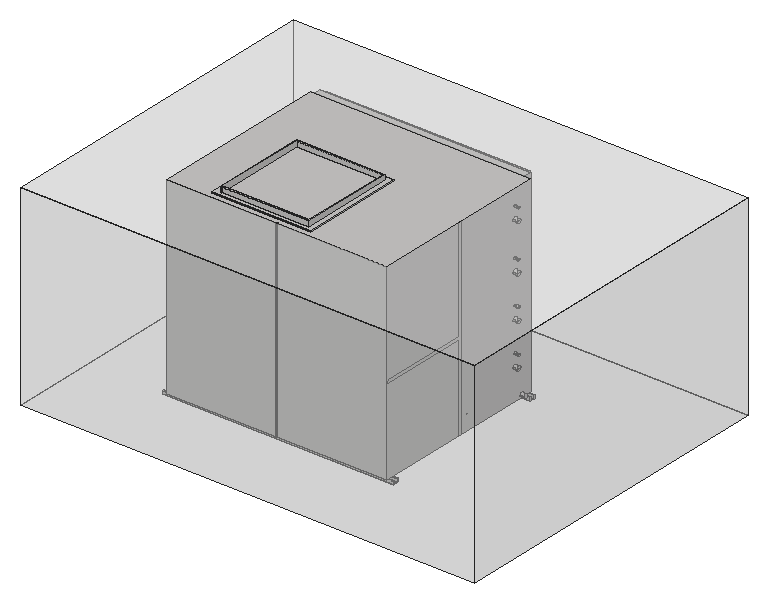
Revit family "outputfile", category 機械設備, Revit 2024
Family settings
  丸型コネクタ寸法 = 半径を使用
  パーツ タイプ = 標準
  OmniClass 番号 = 23.75.10.24.21.27.27
  OmniClass タイトル = Split System Air Conditioning Units
  作業面ベース = いいえ
  常に垂直 = はい
  ロード時にボイドで切り取り = いいえ
  注釈の向きを維持 = いいえ
  共有 = いいえ
  部屋計算ポイント = はい
Parameters (values of type "FBVN600H4BY1X")
  Description = ""
  書き出し IFC クラス(タイプ) = "IfcUnitaryEquipmentType"
  定義済み IFC タイプ(タイプ) = "AIRCONDITIONINGUNIT"
  Cost = 0
  Type Comments = ""
  Keynote = ""
  Type Image = (empty or 0)
  Assembly Code = ""
  switch_frequency = yes
  lw_power = 1050 mm  # constant formula
  lw_box_front = lw_box - 2 mm  # 93 mm
  lw_box = 95 mm
  lw_SA = 887.5 mm
  lw_RA = 1057 mm
  lh_liquidpipe_4 = 470.5 mm
  lh_liquidpipe_3 = 890.5 mm
  lh_liquidpipe_2 = 1310.5 mm
  lh_height_SA = 939 mm
  lh_ld_mountinghole_height = 35 mm
  lh_height_RA = 1758 mm
  lh_hangerfixture = 35 mm
  lh_gaspipe_4 = 350.5 mm
  lh_gaspipe_3 = 770.5 mm
  lh_gaspipe_2 = 1190.5 mm
  lh_frontpanel_bottom = 35 mm
  lh_frontpanel = 1883 mm
  lh_circlevoid = 185 mm
  lh_box_top = 540 mm
  lh_box = 350 mm
  lh_SA = 1978 mm
  lh_RA = 1004 mm
  ld_void = 658 mm
  ld_frontpanel = 0 mm
  ld_depth_SA = 569.5 mm
  ld_depth_RA = 130 mm
  ld_circlevoid = 90 mm
  ld_box_left = 940 mm
  ld_box = 490 mm
  connector_voltage = 0 V
  connector_powerinput = [Power Input (Cooling)]  # 61.620 kW
  connector_phase = 1
  製造元 = "Daikin"
  モデル = "FBVN600H4BY1X"
  w_pipe = 33 mm
  r_Liquid Pipe Size = Liquid Pipe Size / 2  # 7.95 mm
  r_Gas Pipe Size = Gas Pipe Size / 2  # 17.45 mm
  r_Drain Pipe Size = Drain Pipe Size / 2  # 17.0 mm
  lw_powersupply = lw_power  # 1050 mm
  lw_width_RA = 2004 mm
  lw_width_SA = 873 mm
  lh_suctionflange [instance] = 100 mm
  ld_suctionflange [instance] = 190 mm
  ld_powersupply = 200 mm
  angle_vertical_RA [instance] = 90.00°
  angle horizontal_RA [instance] = 180.00°
  Voltage_comment_50Hz = "380 - 415"
  Voltage_50Hz = 400 V
  URL = ""
  Sound Power Level_H speed (dB) = 0
  Phase_50Hz = 3
  Minimum External Static Pressure = 0.00 Pa
  Minimum Circuit Amps_50Hz = 0.0 A
  Maximum Fuse Amps_50Hz = 0.0 A
  Maximum External Static Pressure = 300.00 Pa
  Material_Casing = DAIKIN_GalvanizedSteel_Casing_indoorunit
  lw_liquidpipe = 1137 mm
  lw_gaspipe = 1137 mm
  lw_mountinghole_pitch = 2234 mm
  lw_mountinghole = 2274 mm
  lw_drainpipe = 1137 mm
  lh_powersupply = 1028 mm
  lh_liquidpipe = 1772.5 mm
  lh_gaspipe = 1652.5 mm
  lh_mountinghole = 2.3 mm
  lh_drainpipe = 69.6 mm
  lh_antena = Height - lh_mountinghole + 1 mm  # 1916.7 mm
  ld_liquidpipe = 675.5 mm
  ld_gaspipe = 675.5 mm
  ld_mountinghole_pitch = 1680 mm
  ld_drainpipe = 758.5 mm
  ld_controlbox = 626 mm
  h*** = 0 mm  # constant formula
  d_dischargeflange = 60 mm
  Width = 2174 mm
  Version = "ver.1.0"
  Unit Type = "Duct"
  Unit Mass Weight = 899.00 kg
  Unit Designation [instance] = ""
  Uniclass2015Version = "Products v1.30"
  Uniclass2015Title = "Split coil room air conditioning units"
  Uniclass2015Code = "Pr_70_65_03_86"
  Total Cooling Capacity [instance] = 0.000 kW
  Sound Pressure Level_M speed (dBA) = 0
  Sound Pressure Level_L speed (dBA) = 0
  Sound Pressure Level_H speed (dBA) = 70
  Series = "Package Aircon_Fan Coil Unit"
  Sensible Cooling Capacity [instance] = 0.000 kW
  SA Duct Size Width = 873 mm
  SA Duct Size Height = 939 mm
  Refrigerant Type = "R410A"
  RA Duct Size Width = 2004 mm
  RA Duct Size Height = 1758 mm
  Power Input (Cooling) = 61.620 kW
  Option Accessory 3 [instance] = ""
  Option Accessory 2 [instance] = ""
  Option Accessory 1 [instance] = ""
  Nominal Cooling Capacity = 175.850 kW
  Minimum Airflow = 0.00 m³/h
  Median Airflow = 0.00 m³/h
  Maximum Airflow = 30582.00 m³/h
  Load Classification = HVAC
  Liquid Pipe Size = 15.9 mm
  Link_Nested Family [instance] = ""
  IfcVersion = ""
  IfcExportType = "AIRCONDITIONINGUNIT"
  IfcExportAs = "IfcUnitaryEquipmentType"
  Height = 1918 mm
  Heat Exchanger Type = "Cross Fin Coil"
  Gas Pipe Size = 34.9 mm
  Frequency_50Hz = 50 Hz
  Fan Type = "Sirocco Fan"
  Fan Drive = "-"
  FCU Tag No. [instance] = ""
  Drain Pipe Size = 34.0 mm
  Design Supply Airflow [instance] = 0.00 m³/h
  Design Return Airflow [instance] = 0.00 m³/h
  Design External Static Pressure [instance] = 0.00 Pa
  Depth = 1775 mm
  既定の高さ = 0 mm
  Cooling Entering Wet Bulb Temperature [instance] = 0.00 °C
  Cooling Entering Dry Bulb Temperature [instance] = 0.00 °C
  Cooling Ambient Wet Bulb Temperature [instance] = 0.00 °C
  Cooling Ambient Dry Bulb Temperature [instance] = 0.00 °C
  Clearance visibility [instance] = yes
  Clearance Top = 0 mm
  Clearance Right = 1500 mm
  Clearance Rear = 800 mm
  Clearance Left = 800 mm
  Clearance Front = 800 mm
  Clearance Bottom = 0 mm
Reference planes
  plane 1 "Center (Front/Back)": y = 0
  plane 2: z = 0
  plane 3 "Center (Left/Right)": x = 0
  plane 4 "Back": y = 887.5
  plane 5 "Front": y = -887.5
  plane 6 "Left": x = -1087
  plane 7 "Right": x = 1087
  plane 8 "Top": z = 0
  plane 9 "Bottom": z = -1918
  plane 10: z = -145.5
  plane 11: z = -265.5
  plane 12: x = -1117
  plane 13: x = 1117
  plane 14: x = 1137
  plane 15: x = 1137
  plane 16: z = -1915.7
  plane 17 "Clearance Left": x = -1887
  plane 18 "Clearance Right": x = 2587
  plane 19 "Clearance Rear": y = 1687.5
  plane 20 "Clearance Front": y = -1687.5
  plane 21 "Clearance Bottom": z = -1918
  plane 22: z = -1848.4
  plane 23 "ld_gas": y = 675.5
  plane 24: y = 675.5
  plane 25: y = -30
  plane 26: y = 758.5
  plane 27: y = 697.5
  plane 28: x = 1137
  plane 29: y = 840
  plane 30: y = -840
  plane 31: y = -318
  plane 32: y = 1017.5
  plane 33 "Clearance Top": z = 0
  plane 34: z = -890
  plane 35: y = 200
  plane 36 "hangerfixture": z = -1883
  plane 37 "lh_SA": z = 60
  plane 38 "lh_RA": z = -914
  plane 39 "RA_center": x = -30
  plane 40 "box_bottom": z = -890
  plane 41 "box_top": z = -540
  plane 42: x = -8
  plane 43: x = 2
  plane 44: y = -887.5
  plane 45: y = -877.5
  plane 46 "lw_power": x = 1050
  plane 47: z = -607.5
  plane 48: z = -727.5
  plane 49: z = -1027.5
  plane 50: z = -1147.5
  plane 51: z = -1883
  plane 52: z = 0
  plane 53: x = -199.5
  plane 54: z = -1447.5
  plane 55: z = -1567.5
Forms (mm)
  Extrusion 1, solid, material "DAIKIN_GalvanizedSteel_Casing_indoorunit" <- "Material_Casing"
    sketch origin (0, -0.8, 0) x (1, 0, 0) y (0, 1, 0)
      loop
        line (-1087, -886.7) -> (1087, -886.7) -> (1087, 888.3) -> (-1087, 888.3) -> (-1087, -886.7)
    from -1883 to 0
  Revolve 2, solid, material "DAIKIN_GalvanizedSteel_Casing_indoorunit" <- "Material_Casing"
    sketch origin (0, 0, -265.5) x (0, -1, 0) y (1, 0, 0)
      loop
        line (-658.05, 1087) -> (-658.05, 1137) -> (-675.5, 1137) -> (-675.5, 1087) -> (-658.05, 1087)
      axis (-675.5, 1087) -> (-675.5, 1137)
    angle from 0 to 360
  Revolve 3, solid, material "DAIKIN_GalvanizedSteel_Casing_indoorunit" <- "Material_Casing"
    sketch origin (0, 0, -145.5) x (0, -1, 0) y (1, 0, 0)
      loop
        line (-675.5, 1087) -> (-675.5, 1137) -> (-683.45, 1137) -> (-683.45, 1087) -> (-675.5, 1087)
      axis (-675.5, 1137) -> (-675.5, 1087)
    angle from 0 to 360
  Extrusion 4, solid, material "DAIKIN_GalvanizedSteel_Casing_indoorunit" <- "Material_Casing"
    sketch origin (0, 0, 0) x (0, 1, 0) y (0, 0, 1)
      loop
        circle (758.5, -1848.4) r 17
    from 1137 to 1087
  Extrusion 5, solid, material "DAIKIN_GalvanizedSteel_Casing_indoorunit" <- "Material_Casing"
    sketch origin (0, 0, -1918) x (-1, 0, 0) y (0, -1, 0)
      loop
        line (8, 877.5) -> (8, 887.5) -> (-2, 887.5) -> (-2, 877.5) -> (8, 877.5)
    from 35 to 1918
  Revolve 6, solid, material "DAIKIN_GalvanizedSteel_Casing_indoorunit" <- "Material_Casing"
    sketch origin (0, 0, -727.5) x (0, -1, 0) y (1, 0, 0)
      loop
        line (-658.05, 1087) -> (-658.05, 1137) -> (-675.5, 1137) -> (-675.5, 1087) -> (-658.05, 1087)
      axis (-675.5, 1087) -> (-675.5, 1137)
    angle from 0 to 360
  Revolve 7, solid, material "DAIKIN_GalvanizedSteel_Casing_indoorunit" <- "Material_Casing"
    sketch origin (0, 0, -607.5) x (0, -1, 0) y (1, 0, 0)
      loop
        line (-675.5, 1087) -> (-675.5, 1137) -> (-683.45, 1137) -> (-683.45, 1087) -> (-675.5, 1087)
      axis (-675.5, 1137) -> (-675.5, 1087)
    angle from 0 to 360
  Extrusion 8, void
    sketch origin (1087, 0, 0) x (0, 1, 0) y (0, 0, 1)
      loop
        circle (90, -1733) r 12.5
    from -1 to 0
  Revolve 9, solid, material "DAIKIN_GalvanizedSteel_Casing_indoorunit" <- "Material_Casing"
    sketch origin (0, 0, -1147.5) x (0, -1, 0) y (1, 0, 0)
      loop
        line (-658.05, 1087) -> (-658.05, 1137) -> (-675.5, 1137) -> (-675.5, 1087) -> (-658.05, 1087)
      axis (-675.5, 1087) -> (-675.5, 1137)
    angle from 0 to 360
  Revolve 10, solid, material "DAIKIN_GalvanizedSteel_Casing_indoorunit" <- "Material_Casing"
    sketch origin (0, 0, -1027.5) x (0, -1, 0) y (1, 0, 0)
      loop
        line (-675.5, 1087) -> (-675.5, 1137) -> (-683.45, 1137) -> (-683.45, 1087) -> (-675.5, 1087)
      axis (-675.5, 1137) -> (-675.5, 1087)
    angle from 0 to 360
  Revolve 11, solid, material "DAIKIN_GalvanizedSteel_Casing_indoorunit" <- "Material_Casing"
    sketch origin (0, 0, -1567.5) x (0, -1, 0) y (1, 0, 0)
      loop
        line (-658.05, 1087) -> (-658.05, 1137) -> (-675.5, 1137) -> (-675.5, 1087) -> (-658.05, 1087)
      axis (-675.5, 1087) -> (-675.5, 1137)
    angle from 0 to 360
  Revolve 12, solid, material "DAIKIN_GalvanizedSteel_Casing_indoorunit" <- "Material_Casing"
    sketch origin (0, 0, -1447.5) x (0, -1, 0) y (1, 0, 0)
      loop
        line (-675.5, 1087) -> (-667.55, 1087) -> (-667.55, 1137) -> (-675.5, 1137) -> (-675.5, 1087)
      axis (-675.5, 1137) -> (-675.5, 1087)
    angle from 0 to 360
  Extrusion 13, solid, material "DAIKIN_GalvanizedSteel_Casing_indoorunit" <- "Material_Casing"
    sketch origin (1087, 0, 0) x (0, 1, 0) y (0, 0, 1)
      loop
        line (18, 0) -> (-2, 0) -> (-2, -1009.7) -> (-887.5, -1009.7) -> (-887.5, -1032) -> (-2, -1032) -> (-2, -1883) -> (18, -1883) -> (18, 0)
    from 0 to -1
Cuts and joins
  Extrusion 8 cuts Extrusion 1
Dimensions and locks
  equal spacing: plane 12, plane 3 "Center (Left/Right)", plane 13
  "lw_mountinghole_pitch": plane 12 to plane 13
  "lh_liquidpipe": plane 10 to plane 9 "Bottom"
  "lh_gaspipe": plane 11 to plane 9 "Bottom"
  equal spacing: plane 6 "Left", plane 3 "Center (Left/Right)", plane 7 "Right"
  "Width": plane 6 "Left" to plane 7 "Right"
  "Clearance Right": plane 7 "Right" to plane 18 "Clearance Right"
  "Clearance Left": plane 17 "Clearance Left" to plane 6 "Left"
  "Clearance Rear": plane 19 "Clearance Rear" to plane 4 "Back"
  "Clearance Front": plane 5 "Front" to plane 20 "Clearance Front"
  "Depth": plane 4 "Back" to plane 5 "Front"
  equal spacing: plane 4 "Back", plane 1 "Center (Front/Back)", plane 5 "Front"
  "ld_suctionflange": plane 4 "Back" to plane 27
  "r_Liquid Pipe Size": nested 5 to Revolve 3 sketch curve
  equal spacing: plane 29, plane 1 "Center (Front/Back)", plane 30
  "ld_mountinghole_pitch": plane 29 to plane 30
  "lw_liquidpipe": plane 3 "Center (Left/Right)" to plane 14
  "lw_gaspipe": plane 3 "Center (Left/Right)" to plane 15
  "lw_drainpipe": plane 3 "Center (Left/Right)" to plane 28
  "lh_drainpipe": plane 22 to plane 9 "Bottom"
  "Clearance Top": plane 33 "Clearance Top" to plane 8 "Top"
  "Clearance Bottom": plane 9 "Bottom" to plane 21 "Clearance Bottom"
  "lh_powersupply": plane 34 to plane 9 "Bottom"
  plane 8 "Top" to level = 0 mm
  "lh_hangerfixture": plane 36 "hangerfixture" to plane 9 "Bottom"
  "lh_SA": plane 37 "lh_SA" to plane 9 "Bottom"
  "ld_depth_RA": plane 32 to plane 4 "Back"
  "lh_RA": plane 38 "lh_RA" to plane 9 "Bottom"
  "lw_RA": plane 6 "Left" to plane 39 "RA_center"
  "lh_box_top": plane 8 "Top" to plane 41 "box_top"
  "lh_box": plane 41 "box_top" to plane 40 "box_bottom"
  plane 42 to plane 3 "Center (Left/Right)" to plane 43 = 8 mm, 2 mm
  "lw_power": plane 3 "Center (Left/Right)" to plane 46 "lw_power"
  "lh_gaspipe_2": plane 48 to plane 9 "Bottom"
  "lh_liquidpipe_2": plane 47 to plane 9 "Bottom"
  "ld_powersupply": plane 1 "Center (Front/Back)" to plane 35
  "ld_drainpipe": plane 26 to plane 1 "Center (Front/Back)"
  "ld_gaspipe": plane 23 "ld_gas" to plane 1 "Center (Front/Back)"
  "r_Gas Pipe Size": plane 23 "ld_gas" to Revolve 6 sketch curve
  "r_Gas Pipe Size": plane 23 "ld_gas" to Revolve 2 sketch curve
  "r_Liquid Pipe Size": Revolve 7 sketch curve to plane 24
  "ld_liquidpipe": plane 24 to plane 1 "Center (Front/Back)"
  "ld_depth_SA": plane 31 to plane 5 "Front"
  "lh_circlevoid": Extrusion 8 sketch curve to plane 9 "Bottom"
  "Height": plane 8 "Top" to plane 9 "Bottom"
  "lh_mountinghole": plane 16 to plane 9 "Bottom"
  "lh_gaspipe_3": plane 50 to plane 9 "Bottom"
  "lh_liquidpipe_3": plane 49 to plane 9 "Bottom"
  "lh_frontpanel_bottom": plane 51 to plane 9 "Bottom"
  "lh_frontpanel": plane 52 to plane 51
  "r_Gas Pipe Size": plane 24 to Revolve 9 sketch curve
  "r_Liquid Pipe Size": Revolve 10 sketch curve to plane 24
  locked: plane 45 to plane 5 "Front" at 10
  "ld_frontpanel": plane 5 "Front" to plane 44
  "lw_SA": plane 6 "Left" to plane 53
  "lh_liquidpipe_4": plane 54 to plane 9 "Bottom"
  "lh_gaspipe_4": plane 55 to plane 9 "Bottom"
  "r_Gas Pipe Size": plane 24 to Revolve 11 sketch curve
  "r_Liquid Pipe Size": plane 24 to Revolve 12 sketch curve
  "ld_circlevoid": Extrusion 8 sketch curve to plane 1 "Center (Front/Back)"
  locked: plane 8 "Top" to Extrusion 13 sketch curve at 1009.7
  locked: Extrusion 13 sketch curve to Extrusion 13 sketch curve at 22.3
  locked: Extrusion 13 sketch curve to plane 5 "Front" at 905.5
  locked: Extrusion 13 sketch curve to Extrusion 13 sketch curve at 20
  "r_Drain Pipe Size": radius of Extrusion 4 sketch curve
  diameter of Extrusion 8 sketch curve = 25 mm
  aligned and locked: level to plane 2
  aligned and locked: plane 8 "Top" to Extrusion 1
  aligned and locked: Revolve 2 sketch curve to Revolve 2 sketch curve
  aligned and locked: plane 14 to nested 5
  aligned and locked: nested 5 to plane 10
  aligned and locked: nested 2 to plane 13
  aligned and locked: nested 3 to plane 12
  aligned and locked: plane 12 to nested 4
  aligned and locked: nested 6 to plane 11
  aligned and locked: plane 23 "ld_gas" to nested 6
  aligned and locked: plane 24 to nested 5
  aligned and locked: Extrusion 4 sketch curve to plane 26
  aligned and locked: nested 10 to plane 19 "Clearance Rear"
  aligned and locked: nested 10 to plane 18 "Clearance Right"
  aligned and locked: nested 10 to plane 17 "Clearance Left"
  aligned and locked: nested 10 to plane 20 "Clearance Front"
  aligned and locked: plane 28 to Extrusion 4
  aligned and locked: plane 15 to nested 6
  aligned and locked: plane 13 to nested 1
  aligned and locked: plane 26 to nested 7
  aligned and locked: nested 7 to plane 22
  aligned and locked: nested 7 to plane 28
  aligned and locked: plane 29 to nested 1
  aligned and locked: plane 30 to nested 2
  aligned and locked: nested 4 to plane 29
  aligned and locked: nested 3 to plane 30
  aligned and locked: nested 9 to plane 4 "Back"
  aligned and locked: plane 32 to nested 13
  aligned and locked: nested 10 to plane 33 "Clearance Top"
  aligned and locked: nested 10 to plane 21 "Clearance Bottom"
  aligned and locked: nested 11 to plane 9 "Bottom"
  aligned and locked: plane 36 "hangerfixture" to Extrusion 1
  aligned and locked: Extrusion 1 to plane 5 "Front"
  aligned and locked: Extrusion 1 to plane 4 "Back"
  aligned and locked: plane 38 "lh_RA" to nested 9
  aligned and locked: nested 13 to plane 38 "lh_RA"
  aligned and locked: plane 39 "RA_center" to nested 9
  aligned and locked: nested 13 to plane 39 "RA_center"
  aligned and locked: Extrusion 5 sketch curve to plane 45
  aligned and locked: Extrusion 5 sketch curve to plane 42
  aligned and locked: plane 44 to Extrusion 5 sketch curve
  aligned and locked: plane 43 to Extrusion 5 sketch curve
  aligned and locked: Revolve 6 sketch curve to Revolve 6 sketch curve
  aligned and locked: nested 15 to plane 47
  aligned and locked: nested 16 to plane 48
  aligned and locked: plane 14 to Revolve 7
  aligned and locked: nested 15 to plane 14
  aligned and locked: nested 6 to plane 15
  aligned and locked: nested 14 to plane 35
  aligned and locked: Revolve 2 sketch curve to plane 23 "ld_gas"
  aligned and locked: plane 23 "ld_gas" to nested 16
  aligned and locked: plane 24 to nested 15
  aligned and locked: plane 37 "lh_SA" to nested 12
  aligned and locked: plane 37 "lh_SA" to nested 8
  aligned and locked: plane 31 to nested 12
  aligned and locked: plane 31 to nested 8
  aligned and locked: plane 46 "lw_power" to nested 14
  aligned and locked: nested 14 to plane 34
  aligned and locked: Revolve 9 sketch curve to Revolve 9 sketch curve
  aligned and locked: nested 17 to plane 49
  aligned and locked: nested 18 to plane 50
  aligned and locked: plane 24 to nested 17
  aligned and locked: plane 23 "ld_gas" to nested 18
  aligned and locked: Extrusion 5 to plane 51
  aligned and locked: plane 52 to Extrusion 5
  aligned and locked: plane 53 to nested 12
  aligned and locked: plane 53 to nested 8
  aligned and locked: Revolve 11 sketch curve to Revolve 11 sketch curve
  aligned and locked: nested 19 to plane 54
  aligned and locked: nested 20 to plane 55
  aligned and locked: plane 24 to nested 19
  aligned and locked: plane 24 to nested 20
  aligned and locked: Extrusion 4 to plane 7 "Right"
  aligned and locked: Revolve 3 to plane 7 "Right"
  aligned and locked: plane 7 "Right" to Revolve 2
  aligned and locked: Revolve 7 to plane 7 "Right"
  aligned and locked: plane 7 "Right" to Revolve 6
  aligned and locked: Revolve 10 to plane 7 "Right"
  aligned and locked: plane 7 "Right" to Revolve 9
  aligned and locked: plane 7 "Right" to Revolve 12
  aligned and locked: plane 7 "Right" to Revolve 11
  aligned and locked: plane 5 "Front" to Extrusion 13 sketch curve
  aligned and locked: Extrusion 13 sketch curve to plane 8 "Top"
  aligned and locked: plane 51 to Extrusion 13 sketch curve
  aligned and locked: Extrusion 13 sketch curve to Extrusion 13 sketch curve
Automatic sketch dimensions
  Extrusion 1 sketch curve to plane 4 "Back" = 0 mm
  Extrusion 1 sketch curve to plane 6 "Left" = 0 mm
  Extrusion 1 sketch curve to plane 5 "Front" = 0 mm
  Extrusion 1 sketch curve to plane 7 "Right" = 0 mm
  Revolve 3 sketch curve to plane 23 "ld_gas" = 0 mm  (x2)
  Revolve 3 sketch curve to plane 14 = 0 mm  (x2)
  plane 7 "Right" to Revolve 3 sketch curve = 15 mm
  plane 22 to Extrusion 4 sketch curve = 0 mm
  Revolve 7 sketch curve to plane 23 "ld_gas" = 0 mm  (x2)
  Revolve 7 sketch curve to plane 14 = 0 mm  (x2)
  plane 7 "Right" to Revolve 7 sketch curve = 15 mm
  Revolve 10 sketch curve to plane 23 "ld_gas" = 0 mm  (x2)
  Revolve 10 sketch curve to plane 14 = 0 mm  (x2)
  plane 7 "Right" to Revolve 10 sketch curve = 15 mm
  Revolve 12 sketch curve to plane 23 "ld_gas" = 0 mm  (x2)
  Revolve 12 sketch curve to plane 14 = 0 mm  (x2)
  plane 7 "Right" to Revolve 12 sketch curve = 15 mm
  Revolve 3 sketch curve to plane 7 "Right" = 0 mm
  Revolve 7 sketch curve to plane 7 "Right" = 0 mm
  Revolve 10 sketch curve to plane 7 "Right" = 0 mm
  Revolve 12 sketch curve to plane 7 "Right" = 0 mm
  Revolve 2 sketch curve to plane 7 "Right" = 0 mm
  Revolve 2 sketch curve to plane 14 = 0 mm
  plane 7 "Right" to Revolve 2 sketch curve = 2.003 mm
  plane 14 to Revolve 2 sketch curve = 1.003 mm
  Revolve 6 sketch curve to plane 7 "Right" = 0 mm
  Revolve 6 sketch curve to plane 23 "ld_gas" = 0 mm
  Revolve 6 sketch curve to plane 14 = 0 mm
  plane 7 "Right" to Revolve 6 sketch curve = 2.003 mm
  plane 14 to Revolve 6 sketch curve = 1.003 mm
  Revolve 9 sketch curve to plane 7 "Right" = 0 mm
  Revolve 9 sketch curve to plane 23 "ld_gas" = 0 mm
  Revolve 9 sketch curve to plane 14 = 0 mm
  plane 7 "Right" to Revolve 9 sketch curve = 2.003 mm
  plane 14 to Revolve 9 sketch curve = 1.003 mm
  Revolve 11 sketch curve to plane 7 "Right" = 0 mm
  Revolve 11 sketch curve to plane 23 "ld_gas" = 0 mm
  Revolve 11 sketch curve to plane 14 = 0 mm
  plane 7 "Right" to Revolve 11 sketch curve = 2.003 mm
  plane 14 to Revolve 11 sketch curve = 1.003 mm
Nested families
  nested 1: "daikin_mountinghole" at (1117, 840, -1918), Link_Nested Family <- "Link_Nested Family", h_mountinghole <- "lh_mountinghole", l_antenna <- "lh_antena", type "daikin_mountinghole"
    with show yes, l_antenna 1916.7 mm, h_mountinghole 2.3 mm, Link_Nested Family "", d_circle 23 mm
  nested 2: "daikin_mountinghole" at (1117, -840, -1918), Link_Nested Family <- "Link_Nested Family", h_mountinghole <- "lh_mountinghole", l_antenna <- "lh_antena", type "daikin_mountinghole"
    with show yes, l_antenna 1916.7 mm, h_mountinghole 2.3 mm, Link_Nested Family "", d_circle 23 mm
  nested 3: "daikin_mountinghole" at (-1117, -840, -1918), Link_Nested Family <- "Link_Nested Family", h_mountinghole <- "lh_mountinghole", l_antenna <- "lh_antena", type "daikin_mountinghole"
    with show yes, l_antenna 1916.7 mm, h_mountinghole 2.3 mm, Link_Nested Family "", d_circle 23 mm
  nested 4: "daikin_mountinghole" at (-1117, 840, -1918), Link_Nested Family <- "Link_Nested Family", h_mountinghole <- "lh_mountinghole", l_antenna <- "lh_antena", type "daikin_mountinghole"
    with show yes, l_antenna 1916.7 mm, h_mountinghole 2.3 mm, Link_Nested Family "", d_circle 23 mm
  nested 5: "daikin_connector_rotate2" at (0, 675.5, -145.5) x (0, 1, 0) z (0, 0, 1), length <- "lw_liquidpipe", built-in parameter 1001364 <- "lh_liquidpipe", radius <- "r_Liquid Pipe Size", type "daikin_connector_rotate2"
    with radius 7.95 mm, length 1137 mm, angle_vertical 90.00°
  nested 6: "daikin_connector_rotate2" at (0, 675.5, -265.5) x (0, 1, 0) z (0, 0, 1), length <- "lw_gaspipe", built-in parameter 1001364 <- "lh_gaspipe", radius <- "r_Gas Pipe Size", type "daikin_connector_rotate2"
    with radius 17.45 mm, length 1137 mm, angle_vertical 90.00°
  nested 7: "daikin_connector_rotate2" at (0, 758.5, -1848.4) x (0, 1, 0) z (0, 0, 1), built-in parameter 1001364 <- "lh_drainpipe", length <- "lw_drainpipe", radius <- "r_Drain Pipe Size", type "daikin_connector_rotate2"
    with radius 17 mm, length 1137 mm, angle_vertical 90.00°
  nested 8: "daikin_connector_rotate2" at (-199.5, -318, 0) x (1, 0, 0) z (0, 1, 0), length <- "d_dischargeflange", type "daikin_connector_rotate2"
    with radius 10 mm, length 60 mm, angle_vertical 90.00°
  nested 9: "daikin_ductflange_FBVN-H4BY1X" at (-30, 887.5, -914), material <- "Material_Casing", width <- "lw_width_RA", height <- "lh_height_RA", depth <- "ld_depth_RA", type "daikin_ductflange_FBVN-H4BY1X"
    with x 35 mm, width 2004 mm, material DAIKIN_GalvanizedSteel_Casing_indoorunit, height 1758 mm, depth 130 mm
  nested 10: "daikin_clearancespace" at (350, 0, -958.881), visible <- "Clearance visibility", show <- "Clearance visibility", Link_Nested Family <- "Link_Nested Family", type "daikin_clearancespace"
    with width 4474 mm, show yes, height 1918 mm, depth 3375 mm, Link_Nested Family ""
  nested 11: "daikin_hangerfixture_FBVN-H4BY1X" at (0, 0, -1918), type "daikin_hangerfixture_FBVN-H4BY1X"
  nested 12: "daikin_ductflange_FBVN-H4BY1X_1" at (-199.5, -507.401, 0) x (1, 0, 0) z (0, 1, 0), width <- "lw_width_SA", material <- "Material_Casing", height <- "lh_height_SA", depth <- "d_dischargeflange", type "daikin_ductflange_FBVN-H4BY1X_1"
    with width 873 mm, t 10 mm, material DAIKIN_GalvanizedSteel_Casing_indoorunit, height 939 mm, depth 60 mm
  nested 13: "daikin_connector_rotate2" at (-30, 887.5, -914) x (-1, 0, 0) z (0, 0, 1), length <- "ld_depth_RA", type "daikin_connector_rotate2"
    with radius 10 mm, length 130 mm, angle_vertical 90.00°
  nested 14: "daikin_connector_rotate2" at (1050, 200, -540) x (0, 1, 0) z (1, 0, 0), length <- "lh_box", type "daikin_connector_rotate2"
    with radius 10 mm, length 350 mm, angle_vertical 90.00°
  nested 15: "daikin_connector_rotate2" at (0, 675.5, -607.5) x (0, 1, 0) z (0, 0, 1), length <- "lw_liquidpipe", built-in parameter 1001364 <- "lh_liquidpipe", radius <- "r_Liquid Pipe Size", type "daikin_connector_rotate2"
    with radius 7.95 mm, length 1137 mm, angle_vertical 90.00°
  nested 16: "daikin_connector_rotate2" at (0, 675.5, -727.5) x (0, 1, 0) z (0, 0, 1), length <- "lw_gaspipe", built-in parameter 1001364 <- "lh_gaspipe", radius <- "r_Gas Pipe Size", type "daikin_connector_rotate2"
    with radius 17.45 mm, length 1137 mm, angle_vertical 90.00°
  nested 17: "daikin_connector_rotate2" at (0, 675.5, -1027.5) x (0, 1, 0) z (0, 0, 1), length <- "lw_liquidpipe", built-in parameter 1001364 <- "lh_liquidpipe", radius <- "r_Liquid Pipe Size", type "daikin_connector_rotate2"
    with radius 7.95 mm, length 1137 mm, angle_vertical 90.00°
  nested 18: "daikin_connector_rotate2" at (0, 675.5, -1147.5) x (0, 1, 0) z (0, 0, 1), length <- "lw_gaspipe", built-in parameter 1001364 <- "lh_gaspipe", radius <- "r_Gas Pipe Size", type "daikin_connector_rotate2"
    with radius 17.45 mm, length 1137 mm, angle_vertical 90.00°
  nested 19: "daikin_connector_rotate2" at (0, 675.5, -1447.5) x (0, 1, 0) z (0, 0, 1), length <- "lw_liquidpipe", built-in parameter 1001364 <- "lh_liquidpipe", radius <- "r_Liquid Pipe Size", type "daikin_connector_rotate2"
    with radius 7.95 mm, length 1137 mm, angle_vertical 90.00°
  nested 20: "daikin_connector_rotate2" at (0, 675.5, -1567.5) x (0, 1, 0) z (0, 0, 1), length <- "lw_gaspipe", built-in parameter 1001364 <- "lh_gaspipe", radius <- "r_Gas Pipe Size", type "daikin_connector_rotate2"
    with radius 17.45 mm, length 1137 mm, angle_vertical 90.00°
  nested 21: "daikin_connector_rotate2" at (1150, -200, -122) x (0, 1, 0) z (1, 0, 0), length <- "lh_box", type "daikin_connector_rotate2"
    with radius 10 mm, length 350 mm, angle_vertical 90.00°
Connectors
  piping at (1137, 675.5, -265.5), diameter 34.9, driven by "r_Gas Pipe Size"
    settings: on nested 6, index 1, connector inside diameter 609.6 mm, connector length 0 mm, flow factor 0, pipe flow 0.00 m³/h, pressure drop 0.0 Pa, fitting loss kfactor 0, connector angle 0.00°, fixture units 0, engagement length 0 mm, angle of deflection 0.00°, flow configuration 1, flow direction 2, fitting loss method 0, system type 29, joint type 0, gender type 0, connector reference index -1, connector utility 0, adjustable connector no, is connector primary yes, connector description "Refrigerant Gas Piping"
  piping at (1137, 675.5, -145.5), diameter 15.9, driven by "r_Liquid Pipe Size"
    settings: on nested 5, index 2, connector inside diameter 609.6 mm, connector length 0 mm, flow factor 0, pipe flow 0.00 m³/h, pressure drop 0.0 Pa, fitting loss kfactor 0, connector angle 0.00°, fixture units 0, engagement length 0 mm, angle of deflection 0.00°, flow configuration 1, flow direction 1, fitting loss method 0, system type 29, joint type 0, gender type 0, connector reference index -1, connector utility 0, adjustable connector no, is connector primary no, connector description "Refrigerant Liquid Piping"
  piping at (1137, 758.5, -1848.4), diameter 34, driven by "r_Drain Pipe Size"
    settings: on nested 7, index 3, connector inside diameter 609.6 mm, connector length 0 mm, flow factor 0, pipe flow 0.00 m³/h, pressure drop 0.0 Pa, fitting loss kfactor 0, connector angle 0.00°, fixture units 0, engagement length 0 mm, angle of deflection 0.00°, flow configuration 1, flow direction 2, fitting loss method 4, system type 16, joint type 0, gender type 0, connector reference index -1, connector utility 0, adjustable connector no, is connector primary no, connector description "Condensate Drain Piping"
  hvac at (-199.5, -318, 60), driven by "SA Duct Size Height", driven by "SA Duct Size Width"
    settings: on nested 8, index 7, duct flow 0.00 m³/h, flow factor 0, pres drop 0.00 Pa, loss coef 0, conn angle 0.00°, conn width 873.0 mm, conn height 939.0 mm, conn diameter 609.6 mm, duct sys type 1, conn prof type 1, flow config 0, flow direction 2, loss method 4, conn ref index -1, conn util no, is conn primary yes, conn desc "SA Duct"
  hvac at (-30, 1017.5, -914), driven by "RA Duct Size Width", driven by "RA Duct Size Height"
    settings: on nested 13, index 8, duct flow 0.00 m³/h, flow factor 0, pres drop 0.00 Pa, loss coef 0, conn angle 0.00°, conn width 2004.0 mm, conn height 1758.0 mm, conn diameter 609.6 mm, duct sys type 2, conn prof type 1, flow config 0, flow direction 1, loss method 4, conn ref index -1, conn util no, is conn primary no, conn desc "RA Duct"
  electrical at (1050, 200, -890), driven by "Load Classification", driven by "connector_phase", driven by "connector_powerinput", driven by "connector_voltage"
    settings: on nested 14, index 9, voltage 0 V, apparent load 61620 VA, apparent load phase1 0 VA, apparent load phase2 0 VA, apparent load phase3 0 VA, power factor 1, load classification "HVAC", number of poles 1, system type 30, power factor state 1, is connector primary yes, connector utility no, sub classification motor no, connector description "Power Supply"
  piping at (1137, 675.5, -727.5), diameter 34.9, driven by "r_Gas Pipe Size"
    settings: on nested 16, index 10, connector inside diameter 609.6 mm, connector length 0 mm, flow factor 0, pipe flow 0.00 m³/h, pressure drop 0.0 Pa, fitting loss kfactor 0, connector angle 0.00°, fixture units 0, engagement length 0 mm, angle of deflection 0.00°, flow configuration 1, flow direction 2, fitting loss method 0, system type 29, joint type 0, gender type 0, connector reference index -1, connector utility 0, adjustable connector no, is connector primary no, connector description "Refrigerant Gas Piping"
  piping at (1137, 675.5, -607.5), diameter 15.9, driven by "r_Liquid Pipe Size"
    settings: on nested 15, index 11, connector inside diameter 609.6 mm, connector length 0 mm, flow factor 0, pipe flow 0.00 m³/h, pressure drop 0.0 Pa, fitting loss kfactor 0, connector angle 0.00°, fixture units 0, engagement length 0 mm, angle of deflection 0.00°, flow configuration 1, flow direction 1, fitting loss method 0, system type 29, joint type 0, gender type 0, connector reference index -1, connector utility 0, adjustable connector no, is connector primary no, connector description "Refrigerant Liquid Piping"
  piping at (1137, 675.5, -1147.5), diameter 34.9, driven by "r_Gas Pipe Size"
    settings: on nested 18, index 12, connector inside diameter 609.6 mm, connector length 0 mm, flow factor 0, pipe flow 0.00 m³/h, pressure drop 0.0 Pa, fitting loss kfactor 0, connector angle 0.00°, fixture units 0, engagement length 0 mm, angle of deflection 0.00°, flow configuration 1, flow direction 2, fitting loss method 0, system type 29, joint type 0, gender type 0, connector reference index -1, connector utility 0, adjustable connector no, is connector primary no, connector description "Refrigerant Gas Piping"
  piping at (1137, 675.5, -1027.5), diameter 15.9, driven by "r_Liquid Pipe Size"
    settings: on nested 17, index 13, connector inside diameter 609.6 mm, connector length 0 mm, flow factor 0, pipe flow 0.00 m³/h, pressure drop 0.0 Pa, fitting loss kfactor 0, connector angle 0.00°, fixture units 0, engagement length 0 mm, angle of deflection 0.00°, flow configuration 1, flow direction 1, fitting loss method 0, system type 29, joint type 0, gender type 0, connector reference index -1, connector utility 0, adjustable connector no, is connector primary no, connector description "Refrigerant Liquid Piping"
  piping at (1137, 675.5, -1567.5), diameter 34.9, driven by "r_Gas Pipe Size"
    settings: on nested 20, index 14, connector inside diameter 609.6 mm, connector length 0 mm, flow factor 0, pipe flow 0.00 m³/h, pressure drop 0.0 Pa, fitting loss kfactor 0, connector angle 0.00°, fixture units 0, engagement length 0 mm, angle of deflection 0.00°, flow configuration 1, flow direction 2, fitting loss method 0, system type 29, joint type 0, gender type 0, connector reference index -1, connector utility 0, adjustable connector no, is connector primary no, connector description "Refrigerant Gas Piping"
  piping at (1137, 675.5, -1447.5), diameter 15.9, driven by "r_Liquid Pipe Size"
    settings: on nested 19, index 15, connector inside diameter 609.6 mm, connector length 0 mm, flow factor 0, pipe flow 0.00 m³/h, pressure drop 0.0 Pa, fitting loss kfactor 0, connector angle 0.00°, fixture units 0, engagement length 0 mm, angle of deflection 0.00°, flow configuration 1, flow direction 1, fitting loss method 0, system type 29, joint type 0, gender type 0, connector reference index -1, connector utility 0, adjustable connector no, is connector primary no, connector description "Refrigerant Liquid Piping"
Definition of nested family "daikin_ductflange_FBVN-H4BY1X"
  Parameters (values of type "daikin_ductflange_FBVN-H3BY1C")
    x [instance] = 18.5 mm
    width [instance] = 1636 mm
    material [instance] = none
    height [instance] = 747 mm
    depth [instance] = 130 mm
    Default Elevation = 0 mm
  Reference planes
    plane 1 "Center (Front/Back)": y = 0
    plane 2: z = 0
    plane 3 "Center (Left/Right)": x = 0
    plane 4: x = -818
    plane 5: x = 818
    plane 6: z = 373.5
    plane 7: z = -373.5
    plane 8: y = 90
    plane 9: y = 130
    plane 10: x = -813
    plane 11: x = 813
    plane 12: z = -368.5
    plane 13: z = 368.5
    plane 14: x = -836.5
    plane 15: x = 836.5
    plane 16: z = 392
    plane 17: z = -393.5
  Forms (mm)
    Extrusion 1, solid, material <- "material"
      sketch origin (0, 0, 0) x (1, 0, 0) y (0, 0, 1)
        loop
          line (-836.5, 392) -> (-836.5, -393.5) -> (836.5, -393.5) -> (836.5, 392) -> (-836.5, 392)
        loop
          line (-813, 368.5) -> (-813, -368.5) -> (813, -368.5) -> (813, 368.5) -> (-813, 368.5)
      from 0 to -90
    Extrusion 2, solid, material <- "material"
      sketch origin (0, 0, 0) x (1, 0, 0) y (0, 0, 1)
        loop
          line (-818, 373.5) -> (-818, -373.5) -> (818, -373.5) -> (818, 373.5) -> (-818, 373.5)
        loop
          line (813, 368.5) -> (-813, 368.5) -> (-813, -368.5) -> (813, -368.5) -> (813, 368.5)
      from -130 to -90
  Cuts and joins
    joined: Extrusion 1, Extrusion 2
  Dimensions and locks
    equal spacing: plane 5, plane 3 "Center (Left/Right)", plane 4
    "width": plane 5 to plane 4
    equal spacing: plane 6, level, plane 7
    "height": plane 6 to plane 7
    locked: plane 1 "Center (Front/Back)" to plane 8 at 90
    "depth": plane 1 "Center (Front/Back)" to plane 9
    plane 6 to plane 13 = 5 mm
    plane 12 to plane 7 = 5 mm
    plane 5 to plane 11 = 5 mm
    plane 10 to plane 4 = 5 mm
    "x": plane 4 to plane 14
    "x": plane 15 to plane 5
    locked: plane 16 to plane 6 at 18.5
    locked: plane 7 to plane 17 at 20
    aligned and locked: level to plane 2
    aligned and locked: Extrusion 1 to plane 8
    aligned and locked: plane 1 "Center (Front/Back)" to Extrusion 1
    aligned and locked: Extrusion 2 to plane 9
    aligned and locked: Extrusion 2 to Extrusion 1
    aligned and locked: plane 13 to Extrusion 2 sketch curve
    aligned and locked: plane 11 to Extrusion 2 sketch curve
    aligned and locked: Extrusion 2 sketch curve to plane 12
    aligned and locked: Extrusion 2 sketch curve to plane 10
    aligned and locked: Extrusion 1 sketch curve to plane 16
    aligned and locked: plane 14 to Extrusion 1 sketch curve
    aligned and locked: plane 17 to Extrusion 1 sketch curve
    aligned and locked: Extrusion 1 sketch curve to plane 15
  Automatic sketch dimensions
    Extrusion 2 sketch curve to plane 4 = 0 mm
    Extrusion 2 sketch curve to plane 5 = 0 mm
    Extrusion 2 sketch curve to plane 7 = 0 mm
    Extrusion 2 sketch curve to plane 6 = 0 mm
    plane 4 to Extrusion 1 sketch curve = 5 mm
    Extrusion 1 sketch curve to plane 5 = 5 mm
    plane 7 to Extrusion 1 sketch curve = 5 mm
    Extrusion 1 sketch curve to plane 6 = 5 mm
Definition of nested family "daikin_clearancespace"
  Parameters (values of type "daikin_clearancespace")
    Description = "daikin_clearancespace"
    width [instance] = 1823.963 mm
    show [instance] = yes
    material = none
    height [instance] = 1359.762 mm
    depth [instance] = 880 mm
    Default Elevation = 0 mm
    Link_Nested Family [instance] = ""
  Reference planes
    plane 1 "Center (Front/Back)": y = 0
    plane 2 "Center (Elevation)": z = -0.119
    plane 3 "Center (Left/Right)": x = 0
    plane 4: y = 440
    plane 5: y = -440
    plane 6 "Right": x = 911.982
    plane 7 "Left": x = -911.982
    plane 8 "Top": z = 679.762
    plane 9 "Bottom": z = -680
  Forms (mm)
    Extrusion 1, solid, material <- "material", visible <- "show"
      sketch origin (0, 0, 0) x (1, 0, 0) y (0, 1, 0)
        loop
          line (-911.982, 440) -> (-911.982, -440) -> (911.982, -440) -> (911.982, 440) -> (-911.982, 440)
      from -680 to 679.762
  Lines and regions (mm)
    symbolic lines, visible <- "show"
      curve 1: line (911.982, 440, 0) -> (-911.982, 440, 0)
      curve 2: line (-911.982, 440, 0) -> (-911.982, -440, 0)
      curve 3: line (-911.982, -440, 0) -> (911.982, -440, 0)
      curve 4: line (911.982, -440, 0) -> (911.982, 440, 0)
      curve 5: line (911.982, 0, 679.762) -> (-911.982, 0, 679.762)
      curve 6: line (911.982, 0, -680) -> (911.982, 0, 679.762)
      curve 7: line (-911.982, 0, -680) -> (911.982, 0, -680)
      curve 8: line (-911.982, 0, 679.762) -> (-911.982, 0, -680)
      curve 9: line (0, 440, 679.762) -> (0, -440, 679.762)
      curve 10: line (0, -440, 679.762) -> (0, -440, -680)
      curve 11: line (0, 440, -680) -> (0, 440, 679.762)
      curve 12: line (0, -440, -680) -> (0, 440, -680)
  Dimensions and locks
    "width": plane 7 "Left" to plane 6 "Right"
    "depth": plane 4 to plane 5
    "height": plane 8 "Top" to plane 9 "Bottom"
    equal spacing: plane 7 "Left", plane 3 "Center (Left/Right)", plane 6 "Right"
    equal spacing: plane 4, plane 1 "Center (Front/Back)", plane 5
    equal spacing: plane 8 "Top", plane 2 "Center (Elevation)", plane 9 "Bottom"
    aligned and locked: level to plane 2 "Center (Elevation)"
    aligned and locked: Extrusion 1 sketch curve to plane 4
    aligned and locked: plane 7 "Left" to Extrusion 1 sketch curve
    aligned and locked: Extrusion 1 sketch curve to plane 5
    aligned and locked: Extrusion 1 sketch curve to plane 6 "Right"
    aligned and locked: plane 8 "Top" to Extrusion 1
    aligned and locked: curve 1 to Extrusion 1
    aligned and locked: curve 2 to Extrusion 1
    aligned and locked: curve 3 to Extrusion 1
    aligned and locked: curve 4 to Extrusion 1
    aligned and locked: curve 5 to Extrusion 1
    aligned and locked: curve 6 to Extrusion 1
    aligned and locked: curve 7 to Extrusion 1
    aligned and locked: curve 8 to Extrusion 1
    aligned and locked: curve 9 to Extrusion 1
    aligned and locked: curve 10 to Extrusion 1
    aligned and locked: curve 11 to Extrusion 1
    aligned and locked: curve 12 to Extrusion 1
    aligned and locked: Extrusion 1 to plane 9 "Bottom"
Definition of nested family "daikin_hangerfixture_FBVN-H4BY1X"
  Parameters (values of type "daikin_hangerfixture_FBVN-H3BY1C")
    width = 2234 mm
    material = none
    height = 35 mm
    e = 40 mm
    depth = 1680 mm
    Default Elevation = 0 mm
    G = 2274 mm
    E = 50 mm
  Reference planes
    plane 1 "Center (Front/Back)": y = 0
    plane 2: z = 0
    plane 3 "Center (Left/Right)": x = 0
    plane 4: x = 1117
    plane 5: x = -1117
    plane 6: z = 35
    plane 7: y = 840
    plane 8: y = -840
    plane 9: x = -1137
    plane 10: x = 1137
    plane 11: y = 880
    plane 12: y = -880
  Forms (mm)
    Extrusion 1, solid
      sketch origin (0, 0, 0) x (0, 1, 0) y (0, 0, 1)
        loop
          line (-864.5, 35) -> (-864.5, 0) -> (-814.5, 0) -> (-814.5, 35) -> (-816.8, 35) -> (-816.8, 2.3) -> (-862.2, 2.3) -> (-862.2, 35) -> (-864.5, 35)
        loop
          line (864.5, 35) -> (862.2, 35) -> (862.2, 2.3) -> (816.8, 2.3) -> (816.8, 35) -> (814.5, 35) -> (814.5, 0) -> (864.5, 0) -> (864.5, 35)
      from -1137 to 1137
    Extrusion 2, void
      sketch origin (0, 0, 0) x (1, 0, 0) y (0, 1, 0)
        loop
          circle (-1117, 840) r 7.5
        loop
          circle (-1117, -840) r 7.5
        loop
          circle (1117, -840) r 7.5
        loop
          circle (1117, 840) r 7.5
      from 0 to 9
  Cuts and joins
    Extrusion 2 cuts Extrusion 1
  Dimensions and locks
    "width": plane 5 to plane 4
    equal spacing: plane 5, plane 3 "Center (Left/Right)", plane 4
    "depth": plane 8 to plane 7
    equal spacing: plane 8, plane 1 "Center (Front/Back)", plane 7
    "height": plane 6 to level
    "e": plane 7 to plane 11
    "e": plane 12 to plane 8
    equal spacing: plane 9, plane 3 "Center (Left/Right)", plane 10
    "G": plane 9 to plane 10
    aligned and locked: level to plane 2
    aligned and locked: Extrusion 1 to plane 9
    aligned and locked: plane 10 to Extrusion 1
    aligned and locked: plane 7 to Extrusion 2 sketch curve  (x2)
    aligned and locked: plane 5 to Extrusion 2 sketch curve  (x2)
    aligned and locked: plane 8 to Extrusion 2 sketch curve  (x2)
    aligned and locked: plane 4 to Extrusion 2 sketch curve  (x2)
  Automatic sketch dimensions
    Extrusion 1 sketch curve to plane 6 = 0 mm  (x4)
    Extrusion 1 sketch curve to level = 0 mm  (x2)
    Extrusion 1 sketch curve to plane 12 = 15.5 mm
    Extrusion 1 sketch curve to Extrusion 1 sketch curve = 2.3 mm  (x4)
    level to Extrusion 1 sketch curve = 2.3 mm  (x2)
    Extrusion 1 sketch curve to plane 8 = 23.2 mm
    plane 7 to Extrusion 1 sketch curve = 25.5 mm
    plane 11 to Extrusion 1 sketch curve = 17.8 mm
    radius of Extrusion 2 sketch curve = 7.5 mm  (x4)
Definition of nested family "daikin_ductflange_FBVN-H4BY1X_1"
  Parameters (values of type "daikin_ductflange_2FDN200HTL_1")
    width [instance] = 474 mm
    t [instance] = 10 mm
    material [instance] = none
    height [instance] = 408 mm
    depth [instance] = 60 mm
    Default Elevation = 0 mm
  Reference planes
    plane 1 "Center (Front/Back)": y = 0
    plane 2: z = 189.401
    plane 3 "Center (Left/Right)": x = 0
    plane 4: y = 0
    plane 5: y = -60
    plane 6: y = -10
    plane 7: z = 393.401
    plane 8: z = -14.599
    plane 9: x = -227
    plane 10: x = 227
    plane 11: x = -237
    plane 12: x = 237
    plane 13: z = 383.401
    plane 14: z = -4.599
    plane 15: x = -287
    plane 16: z = 433.401
    plane 17: z = -54.599
    plane 18: x = 287
  Forms (mm)
    Extrusion 1, solid, material <- "material"
      sketch origin (0, 0, 0) x (1, 0, 0) y (0, 0, 1)
        loop
          line (-237, 393.401) -> (-237, -14.599) -> (237, -14.599) -> (237, 393.401) -> (-237, 393.401)
        loop
          line (-227, 383.401) -> (-227, -4.599) -> (227, -4.599) -> (227, 383.401) -> (-227, 383.401)
      from 10 to 60
    Extrusion 2, solid, material <- "material"
      sketch origin (0, 0, 0) x (1, 0, 0) y (0, 0, 1)
        loop
          line (-287, 433.401) -> (-287, -54.599) -> (287, -54.599) -> (287, 433.401) -> (-287, 433.401)
        loop
          line (-227, 383.401) -> (-227, -4.599) -> (227, -4.599) -> (227, 383.401) -> (-227, 383.401)
      from 0 to 10
  Cuts and joins
    joined: Extrusion 1, Extrusion 2
  Dimensions and locks
    plane 4 to plane 1 "Center (Front/Back)" = 0 mm
    "depth": plane 5 to plane 4
    plane 6 to plane 4 = 10 mm
    equal spacing: plane 7, level, plane 8
    "height": plane 7 to plane 8
    equal spacing: plane 10, plane 3 "Center (Left/Right)", plane 9
    "t": plane 9 to plane 11
    "t": plane 12 to plane 10
    "t": plane 7 to plane 13
    "t": plane 14 to plane 8
    plane 11 to plane 15 = 50 mm
    plane 18 to plane 12 = 50 mm
    plane 16 to plane 7 = 40 mm
    plane 8 to plane 17 = 40 mm
    "width": plane 12 to plane 11
    aligned and locked: level to plane 2
    aligned and locked: Extrusion 1 sketch curve to plane 7
    aligned and locked: plane 11 to Extrusion 1 sketch curve
    aligned and locked: plane 8 to Extrusion 1 sketch curve
    aligned and locked: Extrusion 1 sketch curve to plane 12
    aligned and locked: Extrusion 1 sketch curve to plane 13
    aligned and locked: plane 9 to Extrusion 1 sketch curve
    aligned and locked: plane 14 to Extrusion 1 sketch curve
    aligned and locked: Extrusion 1 sketch curve to plane 10
    aligned and locked: plane 6 to Extrusion 1
    aligned and locked: Extrusion 1 to plane 5
    aligned and locked: Extrusion 2 sketch curve to plane 16
    aligned and locked: plane 15 to Extrusion 2 sketch curve
    aligned and locked: plane 17 to Extrusion 2 sketch curve
    aligned and locked: Extrusion 2 sketch curve to plane 18
    aligned and locked: Extrusion 2 sketch curve to Extrusion 1  (x4)
    aligned and locked: Extrusion 2 to plane 1 "Center (Front/Back)"
    aligned and locked: Extrusion 2 to plane 6
  Automatic sketch dimensions
    Extrusion 2 sketch curve to plane 15 = 0 mm
Definition of nested family "daikin_mountinghole"
  Parameters (values of type "daikin_mountinghole")
    Default Elevation = 1219.2 mm
    Type Comments = "mountinghole"
    show [instance] = yes
    material = none
    l_centerline = 100 mm
    l_antenna [instance] = 100 mm
    h_mountinghole [instance] = 0 mm
    d_circle = 30 mm
    Link_Nested Family [instance] = ""
  Reference planes
    plane 1 "Center (Front/Back)": y = 0
    plane 2: z = 0
    plane 3 "Center (Left/Right)": x = 0
    plane 4: y = 50
    plane 5: x = -50
    plane 6: x = 50
    plane 7: y = -50
    plane 8 "h_mountinghole": z = 0
    plane 9: z = 100
  Lines and regions (mm)
    model lines, detail levels fine
      curve 1: circle (0, 0, 0) r 15 normal (0, 0, 1)
      curve 2: line (-50, 0, 0) -> (50, 0, 0)
      curve 3: line (0, 50, 0) -> (0, -50, 0)
    symbolic lines, detail levels fine
      curve 4: circle (0, 0, 0) r 15 normal (0, 0, 1)
      curve 5: line (-50, 0, 0) -> (50, 0, 0)
      curve 6: line (0, 50, 0) -> (0, -50, 0)
    model lines
      curve 7: line (0, 0, 100) -> (0, 0, 0)
  Dimensions and locks
    equal spacing: plane 4, plane 1 "Center (Front/Back)", plane 7
    "l_centerline": plane 4 to plane 7
    equal spacing: plane 5, plane 3 "Center (Left/Right)", plane 6
    "l_centerline": plane 5 to plane 6
    "l_antenna": plane 9 to plane 8 "h_mountinghole"
    "h_mountinghole": plane 8 "h_mountinghole" to plane 2
    "d_circle": diameter of curve 1
    "d_circle": diameter of curve 4
    aligned and locked: level to plane 2
    aligned and locked: plane 1 "Center (Front/Back)" to curve 1
    aligned and locked: plane 3 "Center (Left/Right)" to curve 1
    aligned and locked: plane 1 "Center (Front/Back)" to curve 2
    aligned and locked: curve 3 to plane 3 "Center (Left/Right)"
    aligned and locked: plane 6 to curve 2
    aligned and locked: plane 5 to curve 2
    aligned and locked: plane 4 to curve 3
    aligned and locked: plane 7 to curve 3
    aligned and locked: plane 1 "Center (Front/Back)" to curve 4
    aligned and locked: plane 3 "Center (Left/Right)" to curve 4
    aligned and locked: plane 6 to curve 5
    aligned and locked: plane 5 to curve 5
    aligned and locked: plane 1 "Center (Front/Back)" to curve 5
    aligned and locked: plane 4 to curve 6
    aligned and locked: plane 7 to curve 6
    aligned and locked: curve 6 to plane 3 "Center (Left/Right)"
    aligned and locked: curve 7 to plane 3 "Center (Left/Right)"
    aligned and locked: plane 9 to curve 7
    aligned and locked: plane 8 "h_mountinghole" to curve 7
Definition of nested family "daikin_connector_rotate2"
  Parameters (values of type "daikin_connector_rotate2")
    show_face = no
    radius [instance] = 10 mm
    length [instance] = 600 mm
    d_surface = 10 mm
    angle_vertical [instance] = 90.00°
    Default Elevation = 0 mm
  Reference planes
    plane 1 "Center (Front/Back)": y = 0
    plane 2: z = 0
    plane 3 "Center (Left/Right)": x = 0
  Forms (mm)
    Extrusion 1, solid, visible <- "show_face"
      sketch origin (0, -600, 0) x (1, 0, 0) y (0, 0, 1)
        loop
          circle (0, 0) r 10
      from 0 to -10
  Lines and regions (mm)
    reference lines
      curve 1: line (0, 0, 0) -> (0, -600, 0)
    symbolic lines
      curve 2: circle (0, 0, 0) r 5 normal (0, 0, 1)
    model lines, visible <- "show_face"
      curve 3: line (0, 0, 0) -> (0, -600, 0)
  Dimensions and locks
    "length": curve 1 to curve 1
    "length": curve 3 to curve 3
    "d_surface": Extrusion 1 to Extrusion 1
    "radius": radius of Extrusion 1 sketch curve
    "angle_vertical": angle curve 1 to plane 1 "Center (Front/Back)"
    "angle_vertical": angle curve 3 to plane 1 "Center (Front/Back)"
    aligned and locked: level to plane 2
    aligned and locked: plane 1 "Center (Front/Back)" to curve 1
    aligned and locked: plane 2 to curve 1
    aligned and locked: plane 1 "Center (Front/Back)" to curve 2
    aligned and locked: plane 3 "Center (Left/Right)" to curve 2
    aligned and locked: plane 1 "Center (Front/Back)" to curve 3
    aligned and locked: plane 2 to curve 3
    aligned and locked: Extrusion 1 to Extrusion 1
  Automatic sketch dimensions
    Extrusion 1 sketch curve to level = 0 mm
    Extrusion 1 sketch curve to plane 3 "Center (Left/Right)" = 0 mm
    radius of curve 2 = 5 mm
